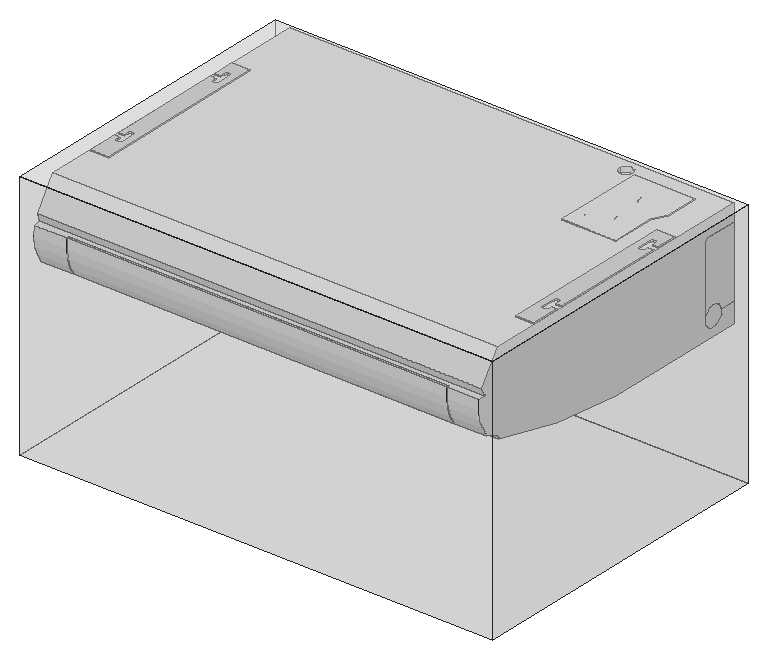
Revit family "outputfile", category 機械設備, Revit 2024
Family settings
  丸型コネクタ寸法 = 半径を使用
  パーツ タイプ = 標準
  OmniClass 番号 = 23.75.10.24.21.27.27
  OmniClass タイトル = Split System Air Conditioning Units
  作業面ベース = いいえ
  常に垂直 = はい
  ロード時にボイドで切り取り = いいえ
  注釈の向きを維持 = いいえ
  共有 = いいえ
  部屋計算ポイント = はい
Parameters (values of type "FHA13CV2S")
  Description = ""
  製造元 = "Daikin"
  書き出し IFC クラス(タイプ) = "IfcUnitaryEquipmentType"
  定義済み IFC タイプ(タイプ) = "AIRCONDITIONINGUNIT"
  Cost = 0
  モデル = "FHA13CV2S"
  Type Comments = ""
  Keynote = ""
  Type Image = (empty or 0)
  Assembly Code = ""
  switch_frequency = yes
  r_Liquid Pipe Size = Liquid Pipe Size / 2  # 4.75 mm
  r_Gas Pipe Size = Gas Pipe Size / 2  # 7.95 mm
  r_Drain Pipe Size = Drain Pipe Size / 2  # 10.0 mm
  l_powersupply [instance] = if(Rear Right Connection_powersupply, 29.0 mm, 175.0 mm)  # 29.0 mm
  h_mountinghole = 2.0 mm  # constant formula
  connector_voltage = Voltage_50Hz  # 220 V
  connector_powerinput = [Power Input (Cooling)]  # 0.000 kW
  connector_phase = Phase_50Hz  # 1
  angle_vertical_powersupply [instance] = if(Rear Right Connection_powersupply, 90.00°, 180.00°)  # 90.00°
  angle_vertical_drainpipe [instance] = if(or(Left Connection_drainpipe, Right Connection_drainpipe), 90.00°, if(Top Connection_drainpipe, 180.00°, -90.00°))  # -90.00°
  angle_horizontal_powersupply [instance] = if(Rear Right Connection_powersupply, 180.00°, 0.00°)  # 180.00°
  angle_horizontal_drainpipe [instance] = if(Right Connection_drainpipe, 90.00°, if(Left Connection_drainpipe, -90.00°, 0.00°))  # 0.00°
  Voltage_comment_50Hz = "220 - 240"
  Voltage_50Hz = 220 V
  URL = ""
  Top Connection_refrigerant [instance] = no
  Top Connection_powersupply [instance] = not(Rear Right Connection_powersupply)  # no
  Right Connection_refrigerant [instance] = no
  Rear Right Connection_refrigerant [instance] = yes
  Phase_50Hz = 1
  Minimum Circuit Amps_50Hz = 0.0 A
  Maximum Fuse Amps_50Hz = 0.0 A
  Material_Casing = DAIKIN_White_Casing_indoorunit
  lw_powersupply [instance] = if(Rear Right Connection_powersupply, 220.0 mm, 210.0 mm)  # 220.0 mm
  lw_mountinghole_pitch = Width - 40.0 mm  # 920.0 mm
  lw_mountinghole = 20.0 mm  # constant formula
  lw_liquidpipe [instance] = if(Right Connection_refrigerant, 156.0 mm, if(Top Connection_refrigerant, 156.0 mm, 136.0 mm))  # 136.0 mm
  lw_gaspipe = 105.0 mm  # constant formula
  lw_drainpipe [instance] = if(Top Connection_drainpipe, 102.0 mm, if(Width = 960.0 mm, if(or(Left Connection_drainpipe, Rear Left Connection_drainpipe), 884.0 mm, 83.0 mm), if(Width = 1270.0 mm, if(or(Left Connection_drainpipe, Rear Left Connection_drainpipe), 1194.0 mm, 83.0 mm), if(Width = 1590.0 mm, if(or(Left Connection_drainpipe, Rear Left Connection_drainpipe), 1514.0 mm, 83.0 mm), 83.0 mm))))  # 83.0 mm
  lh_powersupply = 175.0 mm  # constant formula
  lh_liquidpipe [instance] = if(Rear Right Connection_refrigerant, 160.0 mm, 131.0 mm)  # 160.0 mm
  lh_gaspipe [instance] = if(Rear Right Connection_refrigerant, 150.0 mm, 91.0 mm)  # 150.0 mm
  lh_drainpipe = 197.0 mm  # constant formula
  l_antena = 1.0 mm  # constant formula
  ld_powersupply = 30.0 mm  # constant formula
  ld_mountinghole_pitch = 260.0 mm  # constant formula
  ld_mountinghole = 210.0 mm  # constant formula
  ld_liquidpipe [instance] = if(Right Connection_refrigerant, 57.0 mm, if(Top Connection_refrigerant, 189.0 mm, 221.0 mm))  # 221.0 mm
  ld_gaspipe [instance] = if(Right Connection_refrigerant, 57.0 mm, if(Top Connection_refrigerant, 163.0 mm, 214.0 mm))  # 214.0 mm
  ld_drainpipe [instance] = if(or(Left Connection_drainpipe, Right Connection_drainpipe), 57.0 mm, if(Top Connection_drainpipe, 87.0 mm, 268.0 mm))  # 268.0 mm
  l_liquidpipe_length [instance] = if(Right Connection_refrigerant, 156.0 mm, if(Top Connection_refrigerant, 131.0 mm, 220.0 mm))  # 220.0 mm
  l_gaspipe_length [instance] = if(Right Connection_refrigerant, 105.0 mm, if(Top Connection_refrigerant, 91.0 mm, 213.0 mm))  # 213.0 mm
  l_drainpipe_length [instance] = if(Right Connection_drainpipe, 83.0 mm, if(Top Connection_drainpipe, 197.0 mm, if(Left Connection_drainpipe, 76.0 mm, 267.0 mm)))  # 267.0 mm
  h*** = 0.0 mm  # constant formula
  angle_vertical [instance] = if(Right Connection_refrigerant, 90.00°, if(Top Connection_refrigerant, 180.00°, -90.00°))  # -90.00°
  angle_horizontal [instance] = if(Right Connection_refrigerant, 90.00°, 0.00°)  # 0.00°
  Width = 960.0 mm
  Version = "ver.1.0"
  Unit Type = "Ceiling"
  Unit Mass Weight = 25.00 kg
  Unit Designation [instance] = ""
  Uniclass2015Version = "Products v1.30"
  Uniclass2015Title = "Split coil room air conditioning units"
  Uniclass2015Code = "Pr_70_65_03_86"
  Total Cooling Capacity [instance] = 0.000 kW
  Top Connection_drainpipe [instance] = no
  Sound Pressure Level_M speed (dBA) = 35
  Sound Pressure Level_L speed (dBA) = 32
  Sound Pressure Level_H speed (dBA) = 37
  Series = "SkyAir_Fan Coil Unit"
  Sensible Cooling Capacity [instance] = 0.000 kW
  Rear Right Connection_drainpipe [instance] = yes
  Rear Right Connection_powersupply [instance] = yes
  Right Connection_drainpipe [instance] = no
  Refrigerant Type = "R32"
  Power Input (Cooling) = 0.000 kW
  Option Accessory 3 [instance] = ""
  Option Accessory 2 [instance] = ""
  Option Accessory 1 [instance] = ""
  Nominal Cooling Capacity = 3.800 kW
  Minimum Airflow = 600.00 m³/h
  Median Airflow = 720.00 m³/h
  Maximum Airflow = 900.00 m³/h
  Load Classification = HVAC
  Liquid Pipe Size = 9.5 mm
  Link_Nested Family [instance] = ""
  Rear Left Connection_drainpipe [instance] = no
  Left Connection_drainpipe [instance] = no
  IfcVersion = ""
  IfcExportType = "AIRCONDITIONINGUNIT"
  IfcExportAs = "IfcUnitaryEquipmentType"
  Height = 235.0 mm
  Heat Exchanger Type = "Cross Fin Coil"
  Gas Pipe Size = 15.9 mm
  Frequency_50Hz = 50 Hz
  Fan Type = "Sirocco Fan"
  Fan Drive = "Direct Drive"
  FCU Tag No. [instance] = ""
  Drain Pipe Size = 20.0 mm
  Design Supply Airflow [instance] = 0.00 m³/h
  Design Outdoor Airflow [instance] = 0.00 m³/h
  Depth = 690.0 mm
  既定の高さ = 0.0 mm
  Cooling Entering Wet Bulb Temperature [instance] = 0.00 °C
  Cooling Entering Dry Bulb Temperature [instance] = 0.00 °C
  Cooling Ambient Wet Bulb Temperature [instance] = 0.00 °C
  Cooling Ambient Dry Bulb Temperature [instance] = 0.00 °C
  Clearance visibility [instance] = yes
  Clearance Top = 5.0 mm
  Clearance Right = 30.0 mm
  Clearance Rear = 0.0 mm
  Clearance Left = 30.0 mm
  Clearance Front = 0.0 mm
  Clearance Bottom = 300.0 mm
Reference planes
  plane 1 "Back": y = 0
  plane 2: z = 0
  plane 3 "Center (Left/Right)": x = 0
  plane 4 "Center (Front/Back)": y = -1
  plane 5 "Front": y = -690
  plane 6 "Left": x = -480
  plane 7 "Right": x = 480
  plane 8 "Top": z = 0
  plane 9 "Bottom": z = -235
  plane 10: y = -690
  plane 11: x = -510
  plane 12: x = 510
  plane 13: z = 5
  plane 14: z = -535
  plane 15: y = 0
  plane 16 "lw_mountinghole": x = -460
  plane 17 "lw_mountinghole2": x = 460
  plane 18 "ld_mountinghole": y = -210
  plane 19 "ld_mountinghole2": y = -470
  plane 20 "lw_gaspipe": x = 375
  plane 21 "ld_gaspipe": y = -214
  plane 22 "lh_gaspipe": z = -150
  plane 23 "lw_liquidpipe": x = 344
  plane 24 "ld_liquidpipe": y = -221
  plane 25 "lh_liquidpipe": z = -160
  plane 26 "ld_drainpipe": y = -268
  plane 27 "lw_drainpipe": x = 397
  plane 28 "lh_drainpipe": z = -197
  plane 29 "lw_powersupply": x = 260
  plane 30 "lh_powersupply": z = -175
  plane 31 "ld_powersupply": y = -30
  plane 32: x = -410.5
  plane 33: x = 410.5
  plane 34: x = -435
  plane 35: x = 435
  plane 36: x = -2
  plane 37: x = 2
Forms (mm)
  Extrusion 1, solid, material "DAIKIN_White_Casing_indoorunit" <- "Material_Casing"
    sketch origin (0, 0, 0) x (0, 1, 0) y (0, 0, 1)
      loop
        line (-639.277, 0) -> (-680.876, -61.699) -> (-675.026, -77.772)
        arc (-675.026, -77.772) -> (-681.815, -78.743) -> (-688.601, -79.732) r 2634.132
        arc (-688.601, -79.732) -> (-687.018, -121.096) -> (-669.159, -158.439) r 102.2
        line (-669.159, -158.439) -> (-639.858, -169.325) -> (-635.895, -178.261)
        arc (-635.895, -178.261) -> (-479.121, -215.759) -> (-319.077, -235) r 1400.997
        line (-319.077, -235) -> (-1, -235) -> (-1, 0) -> (-639.277, 0)
    from -480 to 480
  Extrusion 2, solid, material "DAIKIN_White_Casing_indoorunit" <- "Material_Casing"
    sketch origin (0, 0, 0) x (0, 1, 0) y (0, 0, 1)
      loop
        arc (-688.601, -79.732) -> (-687.018, -121.096) -> (-669.159, -158.439) r 102.2
        line (-669.159, -158.439) -> (-665.589, -154.869)
        arc (-665.589, -154.869) -> (-682.432, -118.783) -> (-683.39, -78.971) r 97.2
        arc (-683.39, -78.971) -> (-685.996, -79.351) -> (-688.601, -79.732) r 2634.132
    from -410.5 to 410.5
  Extrusion 3, void
    sketch origin (0, 0, 0) x (0, 1, 0) y (0, 0, 1)
      loop
        line (-301.098, -235) -> (-21.098, -235) -> (-21.098, -230) -> (-301.098, -230) -> (-301.098, -235)
    from -435 to 435
  Extrusion 4, solid, material "DAIKIN_White_Grille_indoorunit"
    sketch origin (0, 0, 0) x (0, 1, 0) y (0, 0, 1)
      loop
        line (-20.098, -230) -> (-301.098, -230) -> (-301.098, -235) -> (-20.098, -235) -> (-20.098, -230)
    from -435 to -2
  Extrusion 5, solid, material "DAIKIN_White_Casing_indoorunit" <- "Material_Casing"
    sketch origin (0, 0, 0) x (1, 0, 0) y (0, 0, 1)
      loop
        line (287, -63) -> (287, -178) -> (358, -220) -> (421, -220) -> (421, -63) -> (287, -63)
    from 0 to 1
  Extrusion 6, solid, material "DAIKIN_White_Casing_indoorunit" <- "Material_Casing"
    sketch origin (0, 0, 0) x (-1, 0, 0) y (0, -1, 0)
      loop
        line (-292, 35) -> (-292, 230) -> (-408, 230) -> (-408, 135) -> (-423, 105) -> (-423, 35) -> (-292, 35)
    from 0 to 1.9
  Extrusion 7, void
    sketch origin (480, 0, 0) x (0, 1, 0) y (0, 0, 1)
      loop
        arc (-79.5, -195) -> (-55.446, -217.446) -> (-34.715, -191.9) r 22.5
        line (-34.715, -191.9) -> (-1, -191.9) -> (-1, -190.1) -> (-35.04, -190.1)
        arc (-35.04, -190.1) -> (-54.942, -172.594) -> (-77.7, -186.182) r 22.5
        line (-77.7, -186.182) -> (-77.7, -43)
        arc (-77.7, -43) -> (-76.528, -40.172) -> (-73.7, -39) r 4
        line (-73.7, -39) -> (-1, -39) -> (-1, -37.2) -> (-73.7, -37.2)
        arc (-73.7, -37.2) -> (-77.801, -38.899) -> (-79.5, -43) r 5.8
        line (-79.5, -43) -> (-79.5, -195)
      loop
        circle (-57, -195) r 20.7
    from 0 to -10
  Extrusion 8, void
    sketch origin (-1444.026, -1, 1200) x (1, 0, 0) y (0, 0, 1)
      loop
        arc (1030.026, -1375) -> (1019.42, -1379.393) -> (1015.026, -1390) r 15
        line (1015.026, -1390) -> (1015.026, -1400)
        arc (1015.026, -1400) -> (1019.42, -1410.607) -> (1030.026, -1415) r 15
        line (1030.026, -1415) -> (1060.026, -1415)
        arc (1060.026, -1415) -> (1070.633, -1410.607) -> (1075.026, -1400) r 15
        line (1075.026, -1400) -> (1075.026, -1390)
        arc (1075.026, -1390) -> (1070.633, -1379.393) -> (1060.026, -1375) r 15
        line (1060.026, -1375) -> (1030.026, -1375)
    from 0 to 10
  Extrusion 9, void
    sketch origin (-480, 0, 0) x (0, 1, 0) y (0, 0, 1)
      loop
        circle (-57, -197) r 22.5
    from 0 to 10
  Extrusion 10, void
    sketch origin (-1444.026, -1, 1200) x (1, 0, 0) y (0, 0, 1)
      loop
        circle (1821.026, -1375) r 44
    from 0 to 10
  Extrusion 11, void
    sketch origin (0, 0, 0) x (-1, 0, 0) y (0, -1, 0)
      loop
        circle (-378, 87) r 30
    from 0 to -10
  Extrusion 12, void
    sketch origin (0, 0, 0) x (-1, 0, 0) y (0, -1, 0)
      loop
        circle (-375, 163) r 18
    from 0 to -10
  Extrusion 13, void
    sketch origin (0, 0, 0) x (-1, 0, 0) y (0, -1, 0)
      loop
        circle (-324, 189) r 13
    from 0 to -10
  Extrusion 14, void
    sketch origin (-1444.026, -1, 1200) x (1, 0, 0) y (0, 0, 1)
      loop
        circle (1704.026, -1375) r 14.5
    from 0 to 10
  Extrusion 15, void
    sketch origin (0, 0, 0) x (-1, 0, 0) y (0, -1, 0)
      loop
        circle (-270, 30) r 14.5
    from 0 to -10
  Extrusion 16, void
    sketch origin (480, 0, 0) x (0, 1, 0) y (0, 0, 1)
      loop
        arc (-665.589, -154.869) -> (-682.432, -118.783) -> (-683.39, -78.971) r 97.2
        arc (-683.39, -78.971) -> (-685.996, -79.351) -> (-688.601, -79.732) r 2634.132
        arc (-688.601, -79.732) -> (-687.018, -121.096) -> (-669.159, -158.439) r 102.2
        line (-669.159, -158.439) -> (-665.589, -154.869)
    from -69.5 to -890.5
  Extrusion 17, solid, material "DAIKIN_White_Casing_indoorunit" <- "Material_Casing"
    sketch origin (-480, 0, 0) x (0, 1, 0) y (0, 0, 1)
      loop
        circle (-57, -197) r 22.5
    from 0 to 10
  Extrusion 18, solid, material "DAIKIN_White_Grille_indoorunit"
    sketch origin (780, 0, 0) x (0, 1, 0) y (0, 0, 1)
      loop
        line (-20.098, -230) -> (-301.098, -230) -> (-301.098, -235) -> (-20.098, -235) -> (-20.098, -230)
    from -782 to -778
  Extrusion 19, solid, material "DAIKIN_White_Grille_indoorunit"
    sketch origin (0, 0, 0) x (0, 1, 0) y (0, 0, -1)
      loop
        line (-20.098, 230) -> (-20.098, 235) -> (-301.098, 235) -> (-301.098, 230) -> (-20.098, 230)
    from -435 to -2
Cuts and joins
  Extrusion 3, Extrusion 7, Extrusion 8, Extrusion 9, Extrusion 10, Extrusion 11, Extrusion 12, Extrusion 13, Extrusion 14, Extrusion 15, Extrusion 16 cuts Extrusion 1
Lines and regions (mm)
  reference lines
    curve 1: line (480, -580.282, -192.75) -> (480, -551.225, -200.21)
Dimensions and locks
  equal spacing: plane 6 "Left", plane 3 "Center (Left/Right)", plane 7 "Right"
  "Width": plane 6 "Left" to plane 7 "Right"
  "Depth": plane 5 "Front" to plane 1 "Back"
  "Height": plane 8 "Top" to plane 9 "Bottom"
  "Clearance Front": plane 10 to plane 5 "Front"
  "Clearance Left": plane 11 to plane 6 "Left"
  "Clearance Right": plane 7 "Right" to plane 12
  "Clearance Top": plane 13 to plane 8 "Top"
  "Clearance Bottom": plane 9 "Bottom" to plane 14
  "Clearance Rear": plane 1 "Back" to plane 15
  locked: plane 4 "Center (Front/Back)" to plane 1 "Back" at 1
  locked: Extrusion 1 sketch curve to Extrusion 1 sketch curve at 235
  locked: Extrusion 1 sketch curve to Extrusion 1 sketch curve at 318.077
  locked: Extrusion 1 sketch curve to Extrusion 1 sketch curve at 1163.297
  locked: Extrusion 1 sketch curve to Extrusion 1 sketch curve at 231.144
  Extrusion 3 sketch curve to Extrusion 3 sketch curve to plane 1 "Back" = 280.0 mm locked, 21.098 mm locked
  "ld_mountinghole": plane 18 "ld_mountinghole" to plane 1 "Back"
  "ld_mountinghole_pitch": plane 18 "ld_mountinghole" to plane 19 "ld_mountinghole2"
  "lw_mountinghole_pitch": plane 16 "lw_mountinghole" to plane 17 "lw_mountinghole2"
  "lw_mountinghole": plane 6 "Left" to plane 16 "lw_mountinghole"
  "lw_gaspipe": plane 20 "lw_gaspipe" to plane 7 "Right"
  "ld_gaspipe": plane 1 "Back" to plane 21 "ld_gaspipe"
  "lw_liquidpipe": plane 23 "lw_liquidpipe" to plane 7 "Right"
  "ld_liquidpipe": plane 1 "Back" to plane 24 "ld_liquidpipe"
  "lw_drainpipe": plane 27 "lw_drainpipe" to plane 7 "Right"
  "ld_drainpipe": plane 26 "ld_drainpipe" to plane 1 "Back"
  plane 8 "Top" to Extrusion 5 sketch curve to Extrusion 5 sketch curve = 63.0 mm locked, 157.0 mm locked
  plane 7 "Right" to Extrusion 5 sketch curve to Extrusion 5 sketch curve = 59.0 mm locked, 134.0 mm locked
  locked: Extrusion 5 sketch curve to Extrusion 5 sketch curve at 115
  locked: Extrusion 5 sketch curve to Extrusion 5 sketch curve at 63
  locked: Extrusion 6 sketch curve to Extrusion 6 sketch curve at 195
  locked: Extrusion 6 sketch curve to Extrusion 6 sketch curve at 116
  locked: Extrusion 6 sketch curve to Extrusion 6 sketch curve at 131
  locked: Extrusion 6 sketch curve to Extrusion 6 sketch curve at 100
  locked: Extrusion 6 sketch curve to plane 1 "Back" at 35
  locked: Extrusion 6 sketch curve to plane 7 "Right" at 57
  locked: Extrusion 8 sketch curve to Extrusion 8 sketch curve at 40
  locked: Extrusion 8 sketch curve to Extrusion 8 sketch curve at 60
  locked: plane 8 "Top" to Extrusion 8 sketch curve at 175
  locked: Extrusion 8 sketch curve to plane 6 "Left" at 51
  locked: plane 7 "Right" to Extrusion 10 sketch curve at 103
  locked: plane 8 "Top" to Extrusion 10 sketch curve at 175
  locked: Extrusion 11 sketch curve to plane 1 "Back" at 87
  locked: Extrusion 11 sketch curve to plane 7 "Right" at 102
  locked: Extrusion 12 sketch curve to plane 1 "Back" at 163
  locked: Extrusion 12 sketch curve to plane 7 "Right" at 105
  locked: Extrusion 13 sketch curve to plane 1 "Back" at 189
  locked: Extrusion 13 sketch curve to plane 7 "Right" at 156
  "lw_powersupply": plane 29 "lw_powersupply" to plane 7 "Right"
  "lh_gaspipe": plane 8 "Top" to plane 22 "lh_gaspipe"
  "lh_liquidpipe": plane 8 "Top" to plane 25 "lh_liquidpipe"
  "lh_powersupply": plane 8 "Top" to plane 30 "lh_powersupply"
  "lh_drainpipe": plane 8 "Top" to plane 28 "lh_drainpipe"
  "ld_powersupply": plane 1 "Back" to plane 31 "ld_powersupply"
  locked: plane 8 "Top" to Extrusion 7 sketch curve at 195
  locked: Extrusion 7 sketch curve to plane 1 "Back" at 57
  locked: plane 9 "Bottom" to Extrusion 7 sketch curve at 43.1
  locked: Extrusion 7 sketch curve to plane 8 "Top" at 39
  locked: Extrusion 7 sketch curve to plane 1 "Back" at 79.5
  locked: Extrusion 9 sketch curve to plane 1 "Back" at 57
  locked: plane 8 "Top" to Extrusion 9 sketch curve at 197
  locked: Extrusion 17 sketch curve to plane 1 "Back" at 57
  locked: plane 8 "Top" to Extrusion 17 sketch curve at 197
  locked: plane 7 "Right" to Extrusion 14 sketch curve at 220
  locked: plane 8 "Top" to Extrusion 14 sketch curve at 175
  locked: Extrusion 15 sketch curve to plane 7 "Right" at 210
  locked: Extrusion 15 sketch curve to plane 1 "Back" at 30
  locked: curve 1 to plane 9 "Bottom" at 34.79
  locked: curve 1 to plane 9 "Bottom" at 42.25
  locked: plane 6 "Left" to plane 32 at 69.5
  locked: plane 33 to plane 7 "Right" at 69.5
  locked: plane 35 to plane 7 "Right" at 45
  locked: plane 6 "Left" to plane 34 at 45
  plane 36 to plane 3 "Center (Left/Right)" to plane 37 = 2.0 mm locked, 2.0 mm locked
  locked: curve 1 to plane 9 "Bottom" (angle 14.40°)
  aligned and locked: level to plane 2
  aligned and locked: nested 1 to plane 11
  aligned and locked: nested 1 to plane 12
  aligned and locked: nested 1 to plane 10
  aligned and locked: plane 13 to nested 1
  aligned and locked: plane 14 to nested 1
  aligned and locked: plane 15 to nested 1
  aligned and locked: Extrusion 1 sketch curve to plane 8 "Top"
  aligned and locked: Extrusion 2 sketch curve to Extrusion 1  (x2)
  aligned and locked: plane 7 "Right" to Extrusion 1
  aligned and locked: Extrusion 1 to plane 6 "Left"
  aligned and locked: cut or joined group 1 (Extrusion 1, Extrusion 3, Extrusion 7, Extrusion 8, Extrusion 9, Extrusion 10, Extrusion 11, Extrusion 12, Extrusion 13, Extrusion 14, Extrusion 15, Extrusion 16) to Extrusion 3 sketch curve
  aligned and locked: cut or joined group 1 to Extrusion 4 sketch curve
  aligned and locked: Extrusion 5 to plane 4 "Center (Front/Back)"
  aligned and locked: Extrusion 7 sketch curve to plane 4 "Center (Front/Back)"
  aligned and locked: Extrusion 16 sketch curve to Extrusion 2  (x4)
  aligned and locked: Extrusion 16 to Extrusion 2  (x2)
  aligned and locked: nested 2 to plane 26 "ld_drainpipe"
  aligned and locked: plane 27 "lw_drainpipe" to nested 2
  aligned and locked: plane 20 "lw_gaspipe" to nested 3
  aligned and locked: nested 3 to plane 21 "ld_gaspipe"
  aligned and locked: plane 23 "lw_liquidpipe" to nested 4
  aligned and locked: nested 4 to plane 24 "ld_liquidpipe"
  aligned and locked: plane 25 "lh_liquidpipe" to nested 4
  aligned and locked: nested 5 to plane 31 "ld_powersupply"
  aligned and locked: plane 29 "lw_powersupply" to nested 5
  aligned and locked: nested 7 to plane 18 "ld_mountinghole"
  aligned and locked: plane 16 "lw_mountinghole" to nested 7
  aligned and locked: nested 6 to plane 19 "ld_mountinghole2"
  aligned and locked: plane 16 "lw_mountinghole" to nested 6
  aligned and locked: nested 9 to plane 18 "ld_mountinghole"
  aligned and locked: plane 17 "lw_mountinghole2" to nested 9
  aligned and locked: plane 17 "lw_mountinghole2" to nested 8
  aligned and locked: nested 8 to plane 19 "ld_mountinghole2"
  aligned and locked: nested 10 to curve 1
  aligned and locked: level to plane 8 "Top"
  aligned and locked: cut or joined group 1 to plane 32
  aligned and locked: plane 33 to cut or joined group 1
  aligned and locked: Extrusion 16 to plane 32
  aligned and locked: plane 33 to Extrusion 16
  aligned and locked: Extrusion 4 to plane 34
  aligned and locked: cut or joined group 1 to plane 34
  aligned and locked: plane 34 to Extrusion 4  (x3)
  aligned and locked: plane 16 "lw_mountinghole" to nested 11
  aligned and locked: plane 17 "lw_mountinghole2" to nested 12
  aligned and locked: plane 36 to Extrusion 4
  aligned and locked: Extrusion 18 to plane 36
  aligned and locked: plane 37 to Extrusion 18
  aligned and locked: Extrusion 19 to plane 37
  aligned and locked: plane 37 to Extrusion 19
  aligned and locked: plane 35 to Extrusion 19
  aligned and locked: plane 35 to Extrusion 3
  aligned and locked: Extrusion 4 to cut or joined group 1
  aligned and locked: cut or joined group 1 to Extrusion 18
  aligned and locked: cut or joined group 1 to Extrusion 19
Automatic sketch dimensions
  Extrusion 1 sketch curve to plane 4 "Center (Front/Back)" = 0.0 mm
  Extrusion 1 sketch curve to plane 5 "Front" = 102.2 mm
  Extrusion 1 sketch curve to plane 30 "lh_powersupply" = 3.261 mm
  Extrusion 1 sketch curve to plane 5 "Front" = 50.723 mm
  plane 30 "lh_powersupply" to Extrusion 1 sketch curve = 5.675 mm
  Extrusion 1 sketch curve to Extrusion 1 sketch curve = 3.963 mm
  plane 25 "lh_liquidpipe" to Extrusion 1 sketch curve = 1.561 mm
  Extrusion 1 sketch curve to plane 5 "Front" = 20.841 mm
  Extrusion 1 sketch curve to plane 5 "Front" = 14.974 mm
  Extrusion 1 sketch curve to plane 5 "Front" = 9.124 mm
  Extrusion 1 sketch curve to plane 26 "ld_drainpipe" = 37.278 mm
  Extrusion 1 sketch curve to plane 14 = 2150.825 mm
  plane 22 "lh_gaspipe" to Extrusion 1 sketch curve = 53.413 mm
  Extrusion 1 sketch curve to level = 77.772 mm
  Extrusion 1 sketch curve to Extrusion 1 sketch curve = 16.072 mm
  Extrusion 2 sketch curve to Extrusion 2 sketch curve = 0.0 mm  (x2)
  plane 25 "lh_liquidpipe" to Extrusion 2 sketch curve = 1.561 mm
  Extrusion 2 sketch curve to plane 22 "lh_gaspipe" = 4.869 mm
  Extrusion 2 sketch curve to Extrusion 2 sketch curve = 3.57 mm
  Extrusion 3 sketch curve to Extrusion 3 sketch curve = 5.0 mm
  plane 31 "ld_powersupply" to Extrusion 4 sketch curve = 9.902 mm
  Extrusion 4 sketch curve to Extrusion 4 sketch curve = 5.0 mm
  Extrusion 6 sketch curve to Extrusion 6 sketch curve = 30.0 mm
  Extrusion 7 sketch curve to Extrusion 7 sketch curve = 0.0 mm  (x6)
  Extrusion 7 sketch curve to plane 4 "Center (Front/Back)" = 0.0 mm  (x2)
  Extrusion 7 sketch curve to Extrusion 7 sketch curve = 1.8 mm  (x2)
  Extrusion 7 sketch curve to Extrusion 7 sketch curve = 4.0 mm
  Extrusion 7 sketch curve to Extrusion 7 sketch curve = 0.325 mm
  Extrusion 8 sketch curve to plane 32 = 3.5 mm  (x2)
  Extrusion 8 sketch curve to plane 28 "lh_drainpipe" = 3.0 mm
  Extrusion 8 sketch curve to Extrusion 8 sketch curve = 15.0 mm
  curve 1 to plane 5 "Front" = 109.718 mm
  Extrusion 18 sketch curve to plane 9 "Bottom" = 0.0 mm
  plane 9 "Bottom" to Extrusion 18 sketch curve = 5.0 mm
  Extrusion 18 sketch curve to plane 26 "ld_drainpipe" = 33.098 mm
  plane 31 "ld_powersupply" to Extrusion 18 sketch curve = 9.902 mm
  Extrusion 19 sketch curve to plane 9 "Bottom" = 0.0 mm
  plane 9 "Bottom" to Extrusion 19 sketch curve = 5.0 mm
  Extrusion 19 sketch curve to plane 26 "ld_drainpipe" = 33.098 mm
  plane 31 "ld_powersupply" to Extrusion 19 sketch curve = 9.902 mm
  Extrusion 4 sketch curve to plane 26 "ld_drainpipe" = 33.098 mm
  radius of Extrusion 7 sketch curve = 20.7 mm
  radius of Extrusion 9 sketch curve = 22.5 mm
  radius of Extrusion 10 sketch curve = 44.0 mm
  radius of Extrusion 11 sketch curve = 30.0 mm
  radius of Extrusion 12 sketch curve = 18.0 mm
  radius of Extrusion 13 sketch curve = 13.0 mm
  radius of Extrusion 14 sketch curve = 14.5 mm
  radius of Extrusion 15 sketch curve = 14.5 mm
  radius of Extrusion 17 sketch curve = 22.5 mm
Nested families
  nested 1: "daikin_clearancespace" at (0, -345, -264.881), visible <- "Clearance visibility", show <- "Clearance visibility", Link_Nested Family <- "Link_Nested Family", type "daikin_clearancespace"
    with width 1020.0 mm, show yes, height 540.0 mm, depth 690.0 mm, Link_Nested Family ""
  nested 2: "daikin_connector_rotate3" at (397, -268, -197), radius <- "r_Drain Pipe Size", angle_vertical <- "angle_vertical_drainpipe", angle_horizontal <- "angle_horizontal_drainpipe", length <- "l_drainpipe_length", type "daikin_connector_rotate3"
    with show no, radius 10.0 mm, length 267.0 mm, angle_vertical -90.00°, angle_horizontal 0.00°
  nested 3: "daikin_connector_rotate3" at (375, -214, -150), radius <- "r_Gas Pipe Size", angle_vertical <- "angle_vertical", angle_horizontal <- "angle_horizontal", length <- "l_gaspipe_length", type "daikin_connector_rotate3"
    with show no, radius 7.95 mm, length 213.0 mm, angle_vertical -90.00°, angle_horizontal 0.00°
  nested 4: "daikin_connector_rotate3" at (344, -221, -160), radius <- "r_Liquid Pipe Size", angle_vertical <- "angle_vertical", angle_horizontal <- "angle_horizontal", length <- "l_liquidpipe_length", type "daikin_connector_rotate3"
    with show no, radius 4.75 mm, length 220.0 mm, angle_vertical -90.00°, angle_horizontal 0.00°
  nested 5: "daikin_connector_rotate3" at (260, -30, -175), length <- "l_powersupply", angle_vertical <- "angle_vertical_powersupply", angle_horizontal <- "angle_horizontal_powersupply", type "daikin_connector_rotate3"
    with show no, radius 10.0 mm, length 29.0 mm, angle_vertical 90.00°, angle_horizontal 180.00°
  nested 6: "daikin_mountinghole" at (-460, -470, 0), l_antenna <- "l_antena", Link_Nested Family <- "Link_Nested Family", h_mountinghole <- "h_mountinghole", type "daikin_mountinghole"
    with show yes, l_antenna 1.0 mm, h_mountinghole 2.0 mm, Link_Nested Family ""
  nested 7: "daikin_mountinghole" at (-460, -210, 0), l_antenna <- "l_antena", Link_Nested Family <- "Link_Nested Family", h_mountinghole <- "h_mountinghole", type "daikin_mountinghole"
    with show yes, l_antenna 1.0 mm, h_mountinghole 2.0 mm, Link_Nested Family ""
  nested 8: "daikin_mountinghole" at (460, -470, 0), l_antenna <- "l_antena", Link_Nested Family <- "Link_Nested Family", h_mountinghole <- "h_mountinghole", type "daikin_mountinghole"
    with show yes, l_antenna 1.0 mm, h_mountinghole 2.0 mm, Link_Nested Family ""
  nested 9: "daikin_mountinghole" at (460, -210, 0), Link_Nested Family <- "Link_Nested Family", l_antenna <- "l_antena", h_mountinghole <- "h_mountinghole", type "daikin_mountinghole"
    with show yes, l_antenna 1.0 mm, h_mountinghole 2.0 mm, Link_Nested Family ""
  nested 10: "daikin_logo_plane_w40" at (332.963, -559.801, -198.008) x (1, 0, 0) z (0, -0.2487, -0.9686), type "daikin_logo_plane_w40"
    with show_logo yes
  nested 11: "daikin_hangerfixture_FHA-CV2S" at (-460, 0, 0), type "daikin_hangerfixture_FHA-CV2S"
    with width 38.0 mm, height 2.0 mm, depth 380.0 mm
  nested 12: "daikin_hangerfixture_FHA-CV2S" at (460, 0, 0) x (-1, 0, 0) z (0, 0, 1), type "daikin_hangerfixture_FHA-CV2S"
    with width 38.0 mm, height 2.0 mm, depth 380.0 mm
Connectors
  piping at (397, -1, -197), diameter 20, driven by "r_Drain Pipe Size"
    settings: on nested 2, index 1, connector inside diameter 609.6 mm, connector length 0.0 mm, flow factor 0, pipe flow 0.00 m³/h, pressure drop 0.0 Pa, fitting loss kfactor 0, connector angle 0.00°, fixture units 0, engagement length 0.0 mm, angle of deflection 0.00°, flow configuration 1, flow direction 2, fitting loss method 4, system type 16, joint type 0, gender type 0, connector reference index -1, connector utility 0, adjustable connector no, is connector primary yes, connector description "Condensate Drain Piping"
  piping at (375, -1, -150), diameter 15.9, driven by "r_Gas Pipe Size"
    settings: on nested 3, index 3, connector inside diameter 609.6 mm, connector length 0.0 mm, flow factor 0, pipe flow 0.00 m³/h, pressure drop 0.0 Pa, fitting loss kfactor 0, connector angle 0.00°, fixture units 0, engagement length 0.0 mm, angle of deflection 0.00°, flow configuration 1, flow direction 2, fitting loss method 0, system type 29, joint type 0, gender type 0, connector reference index -1, connector utility 0, adjustable connector no, is connector primary no, connector description "Refrigerant Gas Piping"
  piping at (344, -1, -160), diameter 9.5, driven by "r_Liquid Pipe Size"
    settings: on nested 4, index 4, connector inside diameter 609.6 mm, connector length 0.0 mm, flow factor 0, pipe flow 0.00 m³/h, pressure drop 0.0 Pa, fitting loss kfactor 0, connector angle 0.00°, fixture units 0, engagement length 0.0 mm, angle of deflection 0.00°, flow configuration 1, flow direction 1, fitting loss method 0, system type 29, joint type 0, gender type 0, connector reference index -1, connector utility 0, adjustable connector no, is connector primary no, connector description "Refrigerant Liquid Piping"
  electrical at (260, -1, -175), driven by "Load Classification", driven by "connector_powerinput", driven by "connector_phase", driven by "connector_voltage"
    settings: on nested 5, index 6, voltage 220 V, apparent load 0 VA, apparent load phase1 0 VA, apparent load phase2 0 VA, apparent load phase3 0 VA, power factor 1, load classification "HVAC", number of poles 1, system type 30, power factor state 1, is connector primary yes, connector utility no, sub classification motor no, connector description "Power Supply"
Definition of nested family "daikin_clearancespace"
  Parameters (values of type "daikin_clearancespace")
    Description = "daikin_clearancespace"
    width [instance] = 1823.963 mm
    show [instance] = yes
    material = none
    height [instance] = 1359.762 mm
    depth [instance] = 880.0 mm
    Default Elevation = 0.0 mm
    Link_Nested Family [instance] = ""
  Reference planes
    plane 1 "Center (Front/Back)": y = 0
    plane 2 "Center (Elevation)": z = -0.119
    plane 3 "Center (Left/Right)": x = 0
    plane 4: y = 440
    plane 5: y = -440
    plane 6 "Right": x = 911.982
    plane 7 "Left": x = -911.982
    plane 8 "Top": z = 679.762
    plane 9 "Bottom": z = -680
  Forms (mm)
    Extrusion 1, solid, material <- "material", visible <- "show"
      sketch origin (0, 0, 0) x (1, 0, 0) y (0, 1, 0)
        loop
          line (-911.982, 440) -> (-911.982, -440) -> (911.982, -440) -> (911.982, 440) -> (-911.982, 440)
      from -680 to 679.762
  Lines and regions (mm)
    symbolic lines, visible <- "show"
      curve 1: line (911.982, 440, 0) -> (-911.982, 440, 0)
      curve 2: line (-911.982, 440, 0) -> (-911.982, -440, 0)
      curve 3: line (-911.982, -440, 0) -> (911.982, -440, 0)
      curve 4: line (911.982, -440, 0) -> (911.982, 440, 0)
      curve 5: line (911.982, 0, 679.762) -> (-911.982, 0, 679.762)
      curve 6: line (911.982, 0, -680) -> (911.982, 0, 679.762)
      curve 7: line (-911.982, 0, -680) -> (911.982, 0, -680)
      curve 8: line (-911.982, 0, 679.762) -> (-911.982, 0, -680)
      curve 9: line (0, 440, 679.762) -> (0, -440, 679.762)
      curve 10: line (0, -440, 679.762) -> (0, -440, -680)
      curve 11: line (0, 440, -680) -> (0, 440, 679.762)
      curve 12: line (0, -440, -680) -> (0, 440, -680)
  Dimensions and locks
    "width": plane 7 "Left" to plane 6 "Right"
    "depth": plane 4 to plane 5
    "height": plane 8 "Top" to plane 9 "Bottom"
    equal spacing: plane 7 "Left", plane 3 "Center (Left/Right)", plane 6 "Right"
    equal spacing: plane 4, plane 1 "Center (Front/Back)", plane 5
    equal spacing: plane 8 "Top", plane 2 "Center (Elevation)", plane 9 "Bottom"
    aligned and locked: level to plane 2 "Center (Elevation)"
    aligned and locked: Extrusion 1 sketch curve to plane 4
    aligned and locked: plane 7 "Left" to Extrusion 1 sketch curve
    aligned and locked: Extrusion 1 sketch curve to plane 5
    aligned and locked: Extrusion 1 sketch curve to plane 6 "Right"
    aligned and locked: plane 8 "Top" to Extrusion 1
    aligned and locked: curve 1 to Extrusion 1
    aligned and locked: curve 2 to Extrusion 1
    aligned and locked: curve 3 to Extrusion 1
    aligned and locked: curve 4 to Extrusion 1
    aligned and locked: curve 5 to Extrusion 1
    aligned and locked: curve 6 to Extrusion 1
    aligned and locked: curve 7 to Extrusion 1
    aligned and locked: curve 8 to Extrusion 1
    aligned and locked: curve 9 to Extrusion 1
    aligned and locked: curve 10 to Extrusion 1
    aligned and locked: curve 11 to Extrusion 1
    aligned and locked: curve 12 to Extrusion 1
    aligned and locked: Extrusion 1 to plane 9 "Bottom"
Definition of nested family "daikin_logo_plane_w40"
  Parameters (values of type "daikin_logo_plane_w40")
    width = 40.0 mm
    show_logo [instance] = yes
    material = none
    height = 0.0 mm
    depth = 0.0 mm
    Default Elevation = 1219.2 mm
  Reference planes
    plane 1 "Center (Front/Back)": y = 0
    plane 2: z = 0
    plane 3 "Center (Left/Right)": x = 0
    plane 4: z = 2
    plane 5 "left": x = -19
    plane 6: x = 19
  Forms (mm)
    Extrusion 1, solid, visible <- "show_logo"
      sketch origin (-19, 0, 0) x (1, 0, 0) y (0, 1, 0)
        loop
          line (8.902, -1.878) -> (7.789, -6.332) -> (11.13, -6.332)
          arc (11.13, -6.332) -> (12.454, -6.064) -> (13.472, -5.176) r 2.642
          arc (13.472, -5.176) -> (13.92, -4.02) -> (13.767, -2.79) r 2.537
          arc (13.767, -2.79) -> (13.452, -2.342) -> (12.982, -2.06) r 1.321
          arc (12.982, -2.06) -> (12.063, -1.902) -> (11.13, -1.878) r 6.479
          line (11.13, -1.878) -> (8.902, -1.878)
        loop
          line (10.016, -5.441) -> (10.907, -5.441)
          arc (10.907, -5.441) -> (11.591, -4.983) -> (11.988, -4.261) r 1.742
          spline (11.988, -4.261) -> (12.01, -4.155) -> (12.027, -4.03) -> (12.037, -3.893) -> (12.037, -3.747) -> (12.026, -3.598) -> (12.002, -3.451) -> (11.962, -3.31) -> (11.905, -3.181) -> (11.829, -3.069) -> (11.731, -2.978) -> (11.61, -2.913) -> (11.464, -2.88)
          line (11.464, -2.88) -> (10.573, -2.88) -> (10.016, -5.441)
        loop
          line (13.58, -6.332) -> (14.805, -6.332) -> (15.223, -5.553) -> (16.977, -5.553) -> (17.144, -6.332) -> (19.149, -6.332) -> (18.258, -1.878) -> (16.03, -1.878) -> (13.58, -6.332)
        loop
          line (16.476, -3.214) -> (15.76, -4.551) -> (16.762, -4.551) -> (16.476, -3.214)
        loop
          line (19.705, -6.332) -> (21.599, -6.332) -> (22.712, -1.878) -> (20.819, -1.878) -> (19.705, -6.332)
        loop
          line (22.712, -6.332) -> (24.606, -6.332) -> (24.908, -5.122) -> (25.831, -6.332) -> (28.17, -6.332) -> (26.388, -3.994) -> (28.949, -1.878) -> (26.945, -1.878) -> (25.401, -3.153) -> (25.719, -1.878) -> (23.826, -1.878) -> (22.712, -6.332)
        loop
          line (29.84, -1.878) -> (28.615, -6.332) -> (30.62, -6.332) -> (31.734, -1.878) -> (29.84, -1.878)
        loop
          line (31.734, -6.332) -> (33.07, -6.332) -> (33.7, -3.814) -> (34.518, -6.332) -> (36.745, -6.332) -> (37.859, -1.878) -> (36.523, -1.878) -> (35.845, -4.589) -> (34.963, -1.878) -> (32.847, -1.878) -> (31.734, -6.332)
      from 0 to 2
    Extrusion 2, solid, visible <- "show_logo"
      sketch origin (-19, 0, 0) x (1, 0, 0) y (0, 1, 0)
        loop
          line (8.7, 0) -> (4.235, 0) -> (0, -3.879) -> (0, -8) -> (8.7, 0)
      from 0 to 2
    Extrusion 3, solid, visible <- "show_logo"
      sketch origin (-19, 0, 0) x (1, 0, 0) y (0, 1, 0)
        loop
          line (0, 0) -> (0, -3.879) -> (4.235, 0) -> (0, 0)
      from 0 to 2
  Dimensions and locks
    plane 4 to plane 2 = 2.0 mm
    equal spacing: plane 5 "left", plane 3 "Center (Left/Right)", plane 6
    locked: plane 5 "left" to plane 6 at 38
    aligned and locked: level to plane 2
    aligned and locked: Extrusion 3 to plane 1 "Center (Front/Back)"  (x2)
    aligned and locked: Extrusion 2 to plane 1 "Center (Front/Back)"  (x2)
    aligned and locked: plane 4 to Extrusion 1
    aligned and locked: plane 4 to Extrusion 3
    aligned and locked: plane 4 to Extrusion 2
    aligned and locked: Extrusion 3 to plane 5 "left"
    aligned and locked: Extrusion 2 to plane 5 "left"
  Automatic sketch dimensions
    Extrusion 1 sketch curve to Extrusion 1 sketch curve = 0.901 mm
    Extrusion 1 sketch curve to Extrusion 1 sketch curve = 1.559 mm
    Extrusion 1 sketch curve to Extrusion 1 sketch curve = 1.327 mm
    Extrusion 1 sketch curve to Extrusion 1 sketch curve = 2.145 mm
    Extrusion 1 sketch curve to Extrusion 1 sketch curve = 1.448 mm
    Extrusion 1 sketch curve to Extrusion 1 sketch curve = 2.116 mm
    Extrusion 1 sketch curve to Extrusion 1 sketch curve = 1.114 mm  (x4)
    Extrusion 1 sketch curve to Extrusion 1 sketch curve = 1.336 mm  (x2)
    plane 1 "Center (Front/Back)" to Extrusion 1 sketch curve = 1.878 mm  (x5)
    Extrusion 1 sketch curve to Extrusion 1 sketch curve = 1.893 mm  (x5)
    Extrusion 1 sketch curve to Extrusion 1 sketch curve = 0.891 mm  (x4)
    Extrusion 1 sketch curve to Extrusion 1 sketch curve = 2.005 mm  (x3)
    Extrusion 1 sketch curve to Extrusion 1 sketch curve = 0.445 mm  (x2)
    plane 1 "Center (Front/Back)" to Extrusion 1 sketch curve = 3.994 mm
    Extrusion 1 sketch curve to Extrusion 1 sketch curve = 0.557 mm  (x2)
    Extrusion 1 sketch curve to Extrusion 1 sketch curve = 2.339 mm  (x2)
    Extrusion 1 sketch curve to Extrusion 1 sketch curve = 1.225 mm  (x3)
    plane 1 "Center (Front/Back)" to Extrusion 1 sketch curve = 3.153 mm
    Extrusion 1 sketch curve to Extrusion 1 sketch curve = 0.987 mm
    plane 1 "Center (Front/Back)" to Extrusion 1 sketch curve = 5.122 mm
    Extrusion 1 sketch curve to Extrusion 1 sketch curve = 0.922 mm
    plane 1 "Center (Front/Back)" to Extrusion 1 sketch curve = 6.332 mm
    Extrusion 1 sketch curve to Extrusion 1 sketch curve = 2.562 mm
    plane 1 "Center (Front/Back)" to Extrusion 1 sketch curve = 5.553 mm
    Extrusion 1 sketch curve to Extrusion 1 sketch curve = 0.167 mm
    Extrusion 1 sketch curve to Extrusion 1 sketch curve = 0.215 mm
    plane 1 "Center (Front/Back)" to Extrusion 1 sketch curve = 3.214 mm
    Extrusion 1 sketch curve to Extrusion 1 sketch curve = 0.286 mm
    plane 1 "Center (Front/Back)" to Extrusion 1 sketch curve = 4.551 mm
    Extrusion 1 sketch curve to Extrusion 1 sketch curve = 1.002 mm
    Extrusion 1 sketch curve to Extrusion 1 sketch curve = 0.537 mm
    Extrusion 1 sketch curve to Extrusion 1 sketch curve = 0.418 mm
    Extrusion 1 sketch curve to Extrusion 1 sketch curve = 1.028 mm
    plane 1 "Center (Front/Back)" to Extrusion 1 sketch curve = 4.261 mm
    Extrusion 1 sketch curve to Extrusion 1 sketch curve = 0.563 mm
    plane 1 "Center (Front/Back)" to Extrusion 1 sketch curve = 2.88 mm
    Extrusion 1 sketch curve to Extrusion 1 sketch curve = 1.088 mm
    Extrusion 1 sketch curve to Extrusion 1 sketch curve = 2.152 mm
    Extrusion 1 sketch curve to Extrusion 1 sketch curve = 0.586 mm
    Extrusion 1 sketch curve to Extrusion 1 sketch curve = 0.118 mm
    Extrusion 1 sketch curve to Extrusion 1 sketch curve = 0.298 mm
    Extrusion 1 sketch curve to Extrusion 1 sketch curve = 0.334 mm
    Extrusion 1 sketch curve to Extrusion 1 sketch curve = 0.223 mm
    Extrusion 1 sketch curve to Extrusion 1 sketch curve = 0.266 mm
    Extrusion 1 sketch curve to Extrusion 1 sketch curve = 1.671 mm
    Extrusion 1 sketch curve to Extrusion 1 sketch curve = 2.227 mm
    Extrusion 1 sketch curve to Extrusion 1 sketch curve = 0.0 mm  (x7)
    Extrusion 1 sketch curve to Extrusion 1 sketch curve = 3.453 mm
    Extrusion 1 sketch curve to Extrusion 1 sketch curve = 2.017 mm
    Extrusion 1 sketch curve to Extrusion 1 sketch curve = 0.78 mm  (x2)
    Extrusion 1 sketch curve to Extrusion 1 sketch curve = 1.743 mm
    Extrusion 1 sketch curve to Extrusion 1 sketch curve = 0.775 mm
    Extrusion 1 sketch curve to Extrusion 1 sketch curve = 0.552 mm
    Extrusion 1 sketch curve to Extrusion 1 sketch curve = 0.014 mm
    Extrusion 1 sketch curve to Extrusion 1 sketch curve = 0.952 mm
    Extrusion 1 sketch curve to Extrusion 1 sketch curve = 1.215 mm
    Extrusion 1 sketch curve to Extrusion 1 sketch curve = 0.108 mm
    plane 1 "Center (Front/Back)" to Extrusion 2 sketch curve = 0.0 mm
    Extrusion 2 sketch curve to plane 3 "Center (Left/Right)" = 19.0 mm
    Extrusion 2 sketch curve to plane 3 "Center (Left/Right)" = 14.765 mm
    Extrusion 2 sketch curve to Extrusion 2 sketch curve = 4.465 mm
    plane 1 "Center (Front/Back)" to Extrusion 2 sketch curve = 3.879 mm
    Extrusion 2 sketch curve to Extrusion 2 sketch curve = 4.12 mm
    plane 1 "Center (Front/Back)" to Extrusion 3 sketch curve = 0.0 mm
    Extrusion 3 sketch curve to plane 3 "Center (Left/Right)" = 19.0 mm
    Extrusion 3 sketch curve to plane 3 "Center (Left/Right)" = 14.765 mm
    plane 1 "Center (Front/Back)" to Extrusion 3 sketch curve = 3.879 mm
    Extrusion 1 sketch curve to plane 3 "Center (Left/Right)" = 11.211 mm
    Extrusion 1 sketch curve to Extrusion 1 sketch curve = 1.782 mm
Definition of nested family "daikin_hangerfixture_FHA-CV2S"
  Parameters (values of type "daikin_hangerfixture_FHA-CV2S")
    width = 44.0 mm
    material = none
    height = 155.0 mm
    depth = 33.0 mm
    Default Elevation = 0.0 mm
  Reference planes
    plane 1 "Center (Front/Back)": y = 0
    plane 2: z = 0
    plane 3 "Center (Left/Right)": x = 0
    plane 4: z = -2.3
    plane 5: z = -155
    plane 6: z = -12
  Forms (mm)
    Extrusion 1, solid
      sketch origin (0, 0, 0) x (1, 0, 0) y (0, 1, 0)
        loop
          line (20, -159) -> (-18, -159) -> (-18, -204) -> (-6, -204) -> (-6, -196)
          arc (-6, -196) -> (0, -190) -> (6, -196) r 6
          line (6, -196) -> (6, -224)
          arc (6, -224) -> (0, -230) -> (-6, -224) r 6
          line (-6, -224) -> (-6, -216) -> (-18, -216) -> (-18, -464) -> (-6, -464) -> (-6, -456)
          arc (-6, -456) -> (0, -450) -> (6, -456) r 6
          line (6, -456) -> (6, -484)
          arc (6, -484) -> (0, -490) -> (-6, -484) r 6
          line (-6, -484) -> (-6, -476) -> (-18, -476) -> (-18, -539) -> (20, -539) -> (20, -159)
      from 0 to 2
  Dimensions and locks
    plane 2 to plane 4 = 2.3 mm
    "height": plane 2 to plane 5
    locked: plane 2 to plane 6 at 12
    aligned and locked: level to plane 2
  Automatic sketch dimensions
    plane 3 "Center (Left/Right)" to Extrusion 1 sketch curve = 20.0 mm
    plane 1 "Center (Front/Back)" to Extrusion 1 sketch curve = 159.0 mm
    Extrusion 1 sketch curve to plane 3 "Center (Left/Right)" = 18.0 mm
    Extrusion 1 sketch curve to Extrusion 1 sketch curve = 380.0 mm
    Extrusion 1 sketch curve to Extrusion 1 sketch curve = 63.0 mm
    Extrusion 1 sketch curve to plane 3 "Center (Left/Right)" = 0.0 mm  (x4)
    plane 3 "Center (Left/Right)" to Extrusion 1 sketch curve = 6.0 mm
    Extrusion 1 sketch curve to Extrusion 1 sketch curve = 8.0 mm  (x4)
    Extrusion 1 sketch curve to Extrusion 1 sketch curve = 20.0 mm  (x2)
    Extrusion 1 sketch curve to Extrusion 1 sketch curve = 0.0 mm  (x2)
    Extrusion 1 sketch curve to Extrusion 1 sketch curve = 57.0 mm
    Extrusion 1 sketch curve to plane 3 "Center (Left/Right)" = 6.0 mm
Definition of nested family "daikin_connector_rotate3"
  Parameters (values of type "daikin_connector_rotate3")
    show [instance] = yes
    radius [instance] = 10.0 mm
    length [instance] = 600.0 mm
    angle_horizontal [instance] = 60.00°
    angle_vertical [instance] = 90.00°
    Default Elevation = 1219.2 mm
  Reference planes
    plane 1 "Center (Front/Back)": y = 0
    plane 2: z = 0
    plane 3 "Center (Left/Right)": x = 0
  Dimensions and locks
    "angle_horizontal": angle plane 3 "Center (Left/Right)" to nested 1
    aligned and locked: level to plane 2
    aligned and locked: plane 1 "Center (Front/Back)" to nested 1  (x2)
    aligned and locked: plane 3 "Center (Left/Right)" to nested 1
  Nested families
    nested 1: "daikin_connector_rotate2" at (0, 0, 0) x (0.5, 0.866, 0) z (0, 0, 1), angle_vertical <- "angle_vertical", length <- "length", radius <- "radius", type "daikin_connector_rotate2"
      with radius 10.0 mm, length 600.0 mm, angle_vertical 90.00°
  Definition of nested family "daikin_connector_rotate2"
    Parameters (values of type "daikin_connector_rotate2")
      show_face = yes
      radius [instance] = 10.0 mm
      length [instance] = 600.0 mm
      d_surface = 10.0 mm
      angle_vertical [instance] = 90.00°
      Default Elevation = 0.0 mm
    Reference planes
      plane 1 "Center (Front/Back)": y = 0
      plane 2: z = 0
      plane 3 "Center (Left/Right)": x = 0
    Forms (mm)
      Extrusion 1, solid, visible <- "show_face"
        sketch origin (0, -600, 0) x (1, 0, 0) y (0, 0, 1)
          loop
            circle (0, 0) r 10
        from 0 to -10
    Lines and regions (mm)
      reference lines
        curve 1: line (0, 0, 0) -> (0, -600, 0)
      symbolic lines
        curve 2: circle (0, 0, 0) r 5 normal (0, 0, 1)
      model lines, visible <- "show_face"
        curve 3: line (0, 0, 0) -> (0, -600, 0)
    Dimensions and locks
      "length": curve 1 to curve 1
      "length": curve 3 to curve 3
      "d_surface": Extrusion 1 to Extrusion 1
      "radius": radius of Extrusion 1 sketch curve
      "angle_vertical": angle curve 1 to plane 1 "Center (Front/Back)"
      "angle_vertical": angle curve 3 to plane 1 "Center (Front/Back)"
      aligned and locked: level to plane 2
      aligned and locked: plane 1 "Center (Front/Back)" to curve 1
      aligned and locked: plane 2 to curve 1
      aligned and locked: plane 1 "Center (Front/Back)" to curve 2
      aligned and locked: plane 3 "Center (Left/Right)" to curve 2
      aligned and locked: plane 1 "Center (Front/Back)" to curve 3
      aligned and locked: plane 2 to curve 3
      aligned and locked: Extrusion 1 to Extrusion 1
    Automatic sketch dimensions
      Extrusion 1 sketch curve to level = 0.0 mm
      Extrusion 1 sketch curve to plane 3 "Center (Left/Right)" = 0.0 mm
      radius of curve 2 = 5.0 mm
Definition of nested family "daikin_mountinghole"
  Parameters (values of type "daikin_mountinghole")
    Default Elevation = 1219.2 mm
    Type Comments = "mountinghole"
    show [instance] = yes
    material = none
    l_centerline = 100.0 mm
    l_antenna [instance] = 100.0 mm
    h_mountinghole [instance] = 0.0 mm
    d_circle = 30.0 mm
    Link_Nested Family [instance] = ""
  Reference planes
    plane 1 "Center (Front/Back)": y = 0
    plane 2: z = 0
    plane 3 "Center (Left/Right)": x = 0
    plane 4: y = 50
    plane 5: x = -50
    plane 6: x = 50
    plane 7: y = -50
    plane 8 "h_mountinghole": z = 0
    plane 9: z = 100
  Lines and regions (mm)
    model lines, detail levels fine
      curve 1: circle (0, 0, 0) r 15 normal (0, 0, 1)
      curve 2: line (-50, 0, 0) -> (50, 0, 0)
      curve 3: line (0, 50, 0) -> (0, -50, 0)
    symbolic lines, detail levels fine
      curve 4: circle (0, 0, 0) r 15 normal (0, 0, 1)
      curve 5: line (-50, 0, 0) -> (50, 0, 0)
      curve 6: line (0, 50, 0) -> (0, -50, 0)
    model lines
      curve 7: line (0, 0, 100) -> (0, 0, 0)
  Dimensions and locks
    equal spacing: plane 4, plane 1 "Center (Front/Back)", plane 7
    "l_centerline": plane 4 to plane 7
    equal spacing: plane 5, plane 3 "Center (Left/Right)", plane 6
    "l_centerline": plane 5 to plane 6
    "l_antenna": plane 9 to plane 8 "h_mountinghole"
    "h_mountinghole": plane 8 "h_mountinghole" to plane 2
    "d_circle": diameter of curve 1
    "d_circle": diameter of curve 4
    aligned and locked: level to plane 2
    aligned and locked: plane 1 "Center (Front/Back)" to curve 1
    aligned and locked: plane 3 "Center (Left/Right)" to curve 1
    aligned and locked: plane 1 "Center (Front/Back)" to curve 2
    aligned and locked: curve 3 to plane 3 "Center (Left/Right)"
    aligned and locked: plane 6 to curve 2
    aligned and locked: plane 5 to curve 2
    aligned and locked: plane 4 to curve 3
    aligned and locked: plane 7 to curve 3
    aligned and locked: plane 1 "Center (Front/Back)" to curve 4
    aligned and locked: plane 3 "Center (Left/Right)" to curve 4
    aligned and locked: plane 6 to curve 5
    aligned and locked: plane 5 to curve 5
    aligned and locked: plane 1 "Center (Front/Back)" to curve 5
    aligned and locked: plane 4 to curve 6
    aligned and locked: plane 7 to curve 6
    aligned and locked: curve 6 to plane 3 "Center (Left/Right)"
    aligned and locked: curve 7 to plane 3 "Center (Left/Right)"
    aligned and locked: plane 9 to curve 7
    aligned and locked: plane 8 "h_mountinghole" to curve 7
